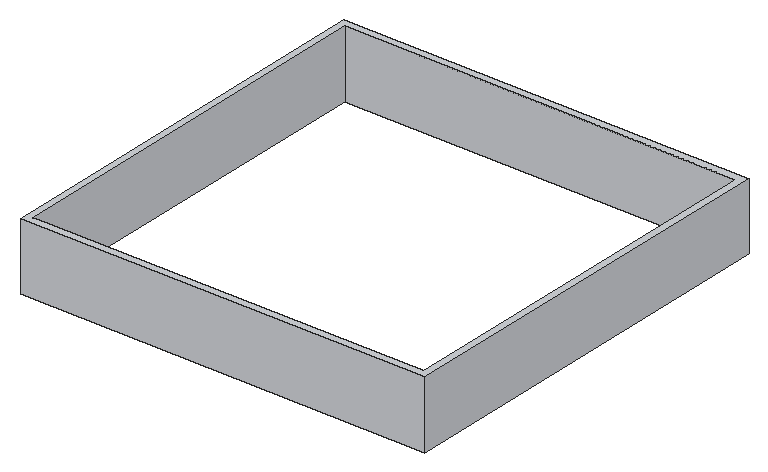
Revit family "TH_RENTANGULAR_MULTI_SLEEVE", category Generic Models, host Face, Revit 2021
Family settings
  Host = Face
  Can host rebar = No
  Round Connector Dimension = Use Diameter
  Part Type = Normal
  Cut with Voids When Loaded = No
  Shared = Yes
  Room Calculation Point = No
Parameters (values of type "with Sill")
  Width [instance] = 1400 mm
  Insulation [instance] = 0 mm
  Host Thickness [instance] = 200 mm
  Height [instance] = 1400 mm
  Final Width [instance] = Width + 2 * Fill  # 1450 mm
  Filnal Height [instance] = 2 * Fill + Height  # 1450 mm
  Fill [instance] = 25 mm
  Extrusion [instance] = 25 mm
  Default Elevation = 1219.2 mm
  Clearance [instance] = 25 mm
Types (2, lengths in mm): name | Width | Host Thickness | Height | Final Width | Filnal Height | Fill | Extrusion | Clearance
  with Sill | 1400 | 200 | 1400 | 1450 | 1450 | 25 | 25 | 25
  Picture Frame | 0 | 781.9 | 0 | 0 | 0 | 0 | 38.1 | 26.064
Reference planes
  plane 1 "Center (Front/Back)": y = 0
  plane 2: z = 0
  plane 3 "Center (Left/Right)": x = 0
  plane 4: z = 25
  plane 5: x = 725
  plane 6: x = 750
  plane 7: x = -725
  plane 8: x = -750
  plane 9: y = 750
  plane 10: y = 725
  plane 11: y = -750
  plane 12: y = -725
  plane 13: z = -200
  plane 14: z = -225
Forms (mm)
  Extrusion 1, solid
    sketch origin (0, 0, 0) x (1, 0, 0) y (0, 1, 0)
      loop
        line (-725, 725) -> (-725, -725) -> (725, -725) -> (725, 725) -> (-725, 725)
      loop
        line (-750, 750) -> (-750, -750) -> (750, -750) -> (750, 750) -> (-750, 750)
    from -225 to 25
Lines and regions (mm)
  model lines
    curve 1: line (-725, 725, 0) -> (725, -725, 0)
    curve 2: line (725, 725, 0) -> (-725, -725, 0)
Dimensions and locks
  equal spacing: plane 7, plane 3 "Center (Left/Right)", plane 5
  equal spacing: plane 12, plane 1 "Center (Front/Back)", plane 10
  "Clearance": plane 9 to plane 10
  "Clearance": plane 5 to plane 6
  "Clearance": plane 8 to plane 7
  "Clearance": plane 11 to plane 12
  "Filnal Height": plane 12 to plane 10
  "Final Width": plane 7 to plane 5
  "Extrusion": plane 2 to plane 4
  "Host Thickness": plane 13 to plane 2
  "Extrusion": plane 14 to plane 13
  aligned and locked: plane 2 to host face
  aligned and locked: level to host face
  aligned and locked: Extrusion 1 to plane 6
  aligned and locked: Extrusion 1 to plane 5
  aligned and locked: plane 8 to Extrusion 1
  aligned and locked: Extrusion 1 to plane 7
  aligned and locked: plane 9 to Extrusion 1
  aligned and locked: plane 10 to Extrusion 1
  aligned and locked: plane 11 to Extrusion 1
  aligned and locked: Extrusion 1 to plane 12
  aligned and locked: plane 4 to Extrusion 1
  aligned and locked: plane 14 to Extrusion 1
  aligned and locked: plane 10 to curve 1
  aligned and locked: plane 7 to curve 1
  aligned and locked: plane 12 to curve 1
  aligned and locked: curve 1 to plane 5
Automatic sketch dimensions
  host sketch curve to host sketch curve = 1940.899 mm
  host sketch curve to host sketch curve = 2073.732 mm
  Extrusion 1 sketch curve to plane 3 "Center (Left/Right)" = 750 mm
  Extrusion 1 sketch curve to Extrusion 1 sketch curve = 25 mm  (x4)
  plane 3 "Center (Left/Right)" to Extrusion 1 sketch curve = 725 mm
  plane 1 "Center (Front/Back)" to Extrusion 1 sketch curve = 750 mm
  Extrusion 1 sketch curve to plane 1 "Center (Front/Back)" = 725 mm
  curve 2 to plane 7 = 0 mm
  curve 2 to plane 5 = 0 mm
  plane 12 to curve 2 = 0 mm
  curve 2 to plane 10 = 0 mm
